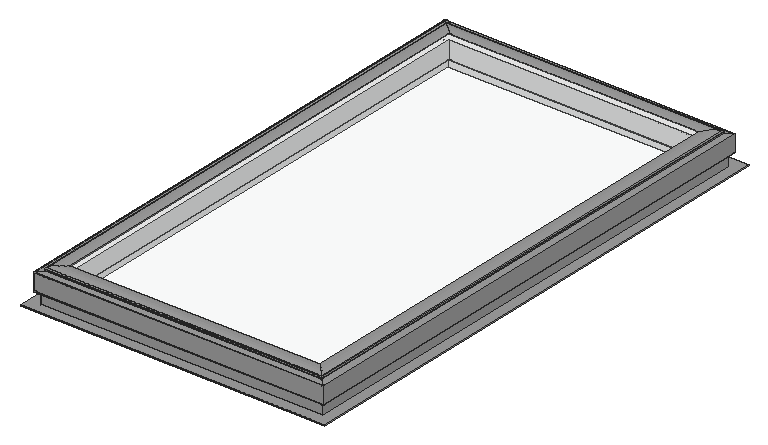
Revit family
Parameters (values of type "M08")
  Width = 798 mm
  VELUX Glazing options URL = "http://www.velux.com.au/homeowners/products/glazing"
  VELUX Glazing options = "Laminated (04), Tempered (05)"
  VELUX Flashing systems URL = "http://www.velux.com.au/homeowners/products/flashings"
  VELUX Flashing systems = "EDL flashing, EDW flashing, EKW combi-flashing"
  URL = "http://www.velux.com.au/"
  Type Comments = "Designed for pitched roof installations"
  Technical Product Data URL = "http://www.velux.com.au/professionals/specifiers/tecnical_info/productdata.aspx"
  Rough Width = 763.6 mm
  Rough Height = 1382.7 mm
  Operation = ""
  Model = "FS"
  Minimum Roof Pitch = "15 degrees"
  Maximum Roof Pitch = "90 degrees"
  Manufacturer = "VELUX"
  Height = 1420 mm
  Glazing Material = Glass-VELUX-Laminated
  Frame = Wood - Ponderosa Pine - finished White
  Technical Drawings URL = "http://www.velux.com.au/professionals/specifiers/tecnical_info/technical_drawings"
  Description = "Fixed (non-operating) skylight"
  Deck seal mounting flange = Steel - anti-corrosive coating
  Frame finish = Aluminum - Lacquered - Kynar 500 top finish - Neutral Gray
  Assembly Code = "B3020110"
Types (10, lengths in mm): name | Width | VELUX Glazing options | Rough Width | Rough Height | Operation | Height
  (no name) | 798 | "Laminated (04), Tempered (05)" | 763.6 | 1382.7 | "" | 1420
  C01 | 568 | "Laminated (04), Tempered (05)" | 533.4 | 682.6 | "" | 720
  C04 | 568 | "Laminated (04), Tempered (05)" | 533.4 | 962 | "" | 1000
  C06 | 568 | "Laminated (04), Tempered (05)" | 533.4 | 1162.1 | "" | 1200
  C08 | 568 | "Laminated (04), Tempered (05)" | 533.4 | 1382.7 | "" | 1420
  M04 | 798 | "Laminated (04), Tempered (05)" | 763.6 | 962 | "" | 1000
  M06 | 798 | "Laminated (04), Tempered (05)" | 763.6 | 1162.1 | "" | 1200
  M08 | 798 | "Laminated (04), Tempered (05)" | 763.6 | 1382.7 | "" | 1420
  S01 | 1158 | "Laminated (04), Tempered (05)" | 1124 | 682.6 | "" | 720
  S06 | 1158 | "Lamianated (04), Tempered (05)" | 1124 | 1162.1 | "Fixed" | 1200
Reference planes
  plane 1 "Center (Front/Back)": y = 0
  plane 2 "Roof": z = 3657.6
  plane 3 "Center (Left/Right)": x = 0
Forms (mm)
  Sweep 1, solid, material "Wood - Ponderosa Pine - finished White"
    path in 3D
      loop
        line (381.8, 691.35, 3810) -> (381.8, -691.35, 3810) -> (-381.8, -691.35, 3810) -> (-381.8, 691.35, 3810) -> (381.8, 691.35, 3810)
    profile origin (0, 691.35, 3810) x (0, 1, 0) y (0, 0, 1)
      loop
        line (-8.685, 77.658) -> (-8.685, 74.1) -> (-34.699, 74.1) -> (-29.154, 21.343)
        arc (-29.154, 21.343) -> (-28.666, 20.385) -> (-27.662, 20) r 1.5
        line (-27.662, 20) -> (-24.412, 20) -> (-24.412, 1) -> (-17.412, 1) -> (-17.412, 12.5) -> (-4.412, 12.5) -> (0, 0) -> (6.738, 0) -> (6.738, 33.5) -> (7.738, 33.5) -> (7.738, 74.409) -> (0.77, 77.658) -> (-8.685, 77.658)
  Sweep 2, solid, material "Steel - anti-corrosive coating"
    path in 3D
      loop
        line (381.8, 691.35, 3810) -> (381.8, -691.35, 3810) -> (-381.8, -691.35, 3810) -> (-381.8, 691.35, 3810) -> (381.8, 691.35, 3810)
    profile origin (0, 691.35, 3810) x (0, 1, 0) y (0, 0, 1)
      loop
        line (38.859, 0) -> (38.859, 2.169) -> (7.738, 2.169) -> (7.738, 33.5) -> (6.738, 33.5) -> (6.738, 0) -> (38.859, 0)
  Sweep 3, solid, material "Aluminum - Lacquered - Kynar 500 top finish - Neutral Gray"
    path in 3D
      loop
        line (381.8, 691.35, 3810) -> (381.8, -691.35, 3810) -> (-381.8, -691.35, 3810) -> (-381.8, 691.35, 3810) -> (381.8, 691.35, 3810)
    profile origin (0, 691.35, 3810) x (0, 1, 0) y (0, 0, 1)
      loop
        arc (16.067, 34.389) -> (17.547, 33.4) -> (18.721, 34.738) r 1.35
        line (18.721, 34.738) -> (18.721, 80.738)
        arc (18.721, 80.738) -> (18.476, 81.375) -> (17.869, 81.683) r 0.95
        line (17.869, 81.683) -> (-0.42, 83.57)
        arc (-0.42, 83.57) -> (0.313, 84.504) -> (0.593, 85.658) r 2.8
        line (0.593, 85.658) -> (0.593, 88.857)
        arc (0.593, 88.857) -> (0.067, 90.491) -> (-1.313, 91.511) r 2.8
        arc (-1.313, 91.511) -> (-19.112, 94.503) -> (-36.956, 91.8) r 57.2
        line (-36.956, 91.8) -> (-36.715, 91.044)
        arc (-36.715, 91.044) -> (-19.118, 93.709) -> (-1.566, 90.758) r 56.406
        arc (-1.566, 90.758) -> (-0.578, 90.028) -> (-0.201, 88.857) r 2.006
        line (-0.201, 88.857) -> (-0.201, 85.669)
        arc (-0.201, 85.669) -> (-0.383, 84.889) -> (-0.856, 84.243) r 2.006
        line (-0.856, 84.243) -> (-0.502, 82.781) -> (17.927, 80.879) -> (17.927, 34.738)
        arc (17.927, 34.738) -> (17.444, 34.187) -> (16.834, 34.595) r 0.556
        line (16.834, 34.595) -> (15.54, 39.424) -> (14.773, 39.219) -> (16.067, 34.389)
  Extrusion 4, solid, material "Glass-VELUX-Laminated"
    sketch origin (0, 0, 0) x (0, 1, 0) y (0, 0, 1)
      loop
        line (676.863, 3884.108) -> (676.863, 3900.708) -> (-676.863, 3900.708) -> (-676.863, 3884.108) -> (676.863, 3884.108)
    from -367.313 to 367.313
Lines and regions (mm)
  Opening 1
    outline origin (0, 0, 3810) x (0, 1, 0) y (-1, 0, 0)
      loop
        line (-691.35, 381.8) -> (-691.35, -381.8) -> (691.35, -381.8) -> (691.35, 381.8) -> (-691.35, 381.8)
  sketch lines
    curve 1: line (-381.8, 691.35, 3810) -> (381.8, 691.35, 3810)
    curve 2: line (-381.8, -691.35, 3810) -> (-381.8, 691.35, 3810)
    curve 3: line (381.8, -691.35, 3810) -> (-381.8, -691.35, 3810)
    curve 4: line (381.8, 691.35, 3810) -> (381.8, -691.35, 3810)
    curve 5: line (-381.8, 691.35, 3810) -> (381.8, 691.35, 3810)
    curve 6: line (-381.8, -691.35, 3810) -> (-381.8, 691.35, 3810)
    curve 7: line (381.8, -691.35, 3810) -> (-381.8, -691.35, 3810)
    curve 8: line (381.8, 691.35, 3810) -> (381.8, -691.35, 3810)
    curve 9: line (-381.8, 691.35, 3810) -> (381.8, 691.35, 3810)
    curve 10: line (-381.8, -691.35, 3810) -> (-381.8, 691.35, 3810)
    curve 11: line (381.8, -691.35, 3810) -> (-381.8, -691.35, 3810)
    curve 12: line (381.8, 691.35, 3810) -> (381.8, -691.35, 3810)
Dimensions and locks
  equal spacing: host sketch curve, plane 3 "Center (Left/Right)", host sketch curve
  equal spacing: host sketch curve, plane 1 "Center (Front/Back)", host sketch curve
  equal spacing: host roof, plane 1 "Center (Front/Back)", host roof
  equal spacing: host roof, plane 3 "Center (Left/Right)", host roof
  "Rough Height": host roof to host roof
  "Rough Width": host roof to host roof
  locked: host roof to Extrusion 4 at 14.487  (x3)
  locked: Extrusion 4 to host roof at 14.487
  locked: host roof to Extrusion 4 at 74.108
  locked: Extrusion 4 to host roof at 90.708
  aligned and locked: plane 2 "Roof" to level
Automatic sketch dimensions
  plane 3 "Center (Left/Right)" to Opening 1 sketch curve = 381.8 mm
  plane 1 "Center (Front/Back)" to Opening 1 sketch curve = 691.35 mm
  Opening 1 sketch curve to plane 3 "Center (Left/Right)" = 381.8 mm
  Opening 1 sketch curve to plane 1 "Center (Front/Back)" = 691.35 mm
  Sweep 1 sketch curve to profile plane = 0 mm  (x2)
  profile plane to Sweep 1 sketch curve = 4.412 mm
  profile plane to Sweep 1 sketch curve = 8.685 mm
  Sweep 1 sketch curve to Sweep 1 sketch curve = 13 mm
  Sweep 1 sketch curve to Sweep 1 sketch curve = 7 mm
  Sweep 1 sketch curve to Sweep 1 sketch curve = 3.25 mm
  Sweep 1 sketch curve to Sweep 1 sketch curve = 0 mm  (x4)
  Sweep 1 sketch curve to Sweep 1 sketch curve = 1.492 mm
  Sweep 1 sketch curve to Sweep 1 sketch curve = 26.014 mm
  Sweep 1 sketch curve to profile plane = 0.77 mm
  Sweep 1 sketch curve to profile plane = 6.738 mm
  profile plane to Sweep 1 sketch curve = 1 mm
  profile plane to Sweep 1 sketch curve = 12.5 mm
  Sweep 1 sketch curve to Sweep 1 sketch curve = 7.5 mm
  Sweep 1 sketch curve to Sweep 1 sketch curve = 1.343 mm
  Sweep 1 sketch curve to Sweep 1 sketch curve = 52.757 mm
  Sweep 1 sketch curve to Sweep 1 sketch curve = 3.558 mm
  Sweep 1 sketch curve to Sweep 1 sketch curve = 21 mm
  Sweep 1 sketch curve to Sweep 1 sketch curve = 1 mm
  Sweep 1 sketch curve to Sweep 1 sketch curve = 3.249 mm
  Sweep 2 sketch curve to profile plane = 0 mm
  Sweep 2 sketch curve to profile plane = 6.738 mm
  Sweep 2 sketch curve to Sweep 2 sketch curve = 1 mm
  profile plane to Sweep 2 sketch curve = 2.169 mm
  Sweep 2 sketch curve to Sweep 2 sketch curve = 31.121 mm
  Sweep 2 sketch curve to Sweep 2 sketch curve = 31.331 mm
  Sweep 3 sketch curve to Sweep 3 sketch curve = 0 mm  (x18)
  profile plane to Sweep 3 sketch curve = 36.956 mm
  Sweep 3 sketch curve to Sweep 3 sketch curve = 0.241 mm
  profile plane to Sweep 3 sketch curve = 19.576 mm
  profile plane to Sweep 3 sketch curve = 2.207 mm
  profile plane to Sweep 3 sketch curve = 2.206 mm
  profile plane to Sweep 3 sketch curve = 1.566 mm
  Sweep 3 sketch curve to Sweep 3 sketch curve = 0.253 mm
  profile plane to Sweep 3 sketch curve = 0.856 mm
  profile plane to Sweep 3 sketch curve = 0.502 mm
  profile plane to Sweep 3 sketch curve = 0.42 mm
  profile plane to Sweep 3 sketch curve = 0.201 mm  (x2)
  Sweep 3 sketch curve to profile plane = 0.593 mm
  Sweep 3 sketch curve to profile plane = 14.773 mm
  Sweep 3 sketch curve to Sweep 3 sketch curve = 0.767 mm  (x2)
  Sweep 3 sketch curve to Sweep 3 sketch curve = 1.294 mm
  Sweep 3 sketch curve to Sweep 3 sketch curve = 0.537 mm
  Sweep 3 sketch curve to profile plane = 17.771 mm
  Sweep 3 sketch curve to Sweep 3 sketch curve = 0.097 mm
  Sweep 3 sketch curve to Sweep 3 sketch curve = 0.156 mm
  Sweep 3 sketch curve to Sweep 3 sketch curve = 0.794 mm
  profile plane to Sweep 3 sketch curve = 34.389 mm
  Sweep 3 sketch curve to Sweep 3 sketch curve = 1.914 mm
  Sweep 3 sketch curve to Sweep 3 sketch curve = 8.119 mm
  Sweep 3 sketch curve to Sweep 3 sketch curve = 0.141 mm
  Sweep 3 sketch curve to Sweep 3 sketch curve = 6.077 mm
  Sweep 3 sketch curve to Sweep 3 sketch curve = 0.79 mm
  Sweep 3 sketch curve to Sweep 3 sketch curve = 0.673 mm
  Sweep 3 sketch curve to Sweep 3 sketch curve = 1.415 mm
  plane 2 "Roof" to Extrusion 4 sketch curve = 226.508 mm
  plane 1 "Center (Front/Back)" to Extrusion 4 sketch curve = 676.863 mm
  Extrusion 4 sketch curve to Extrusion 4 sketch curve = 1353.726 mm
  Extrusion 4 sketch curve to Extrusion 4 sketch curve = 16.6 mm
